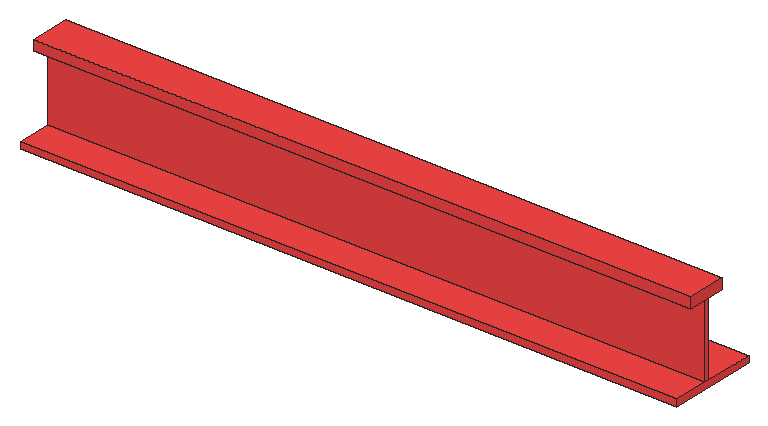
Revit family "GSY-E32", category Structural Framing, Revit 2018
Family settings
  Section Shape = Not Defined
  Material for Model Behavior = Other
  Always export as geometry = No
  OmniClass Number = 23.25.30.11.14.14
  OmniClass Title = Beams
  Always vertical = Yes
  Cut with Voids When Loaded = No
  Symbolic Representation = From Family
  Shared = No
  Show family pre-cut in plan views = Yes
Parameters (values of type "GSY-E32/15-34")
  t2 = 25 mm
  t1 = 40 mm
  hw = 280 mm
  d = 15 mm
  b2 = 340 mm
  b1 = 150 mm
  Structural Material [instance] = bips-Steel
  Manufacturer = "Give Steel A/S"
  Length [instance] = 3000 mm
Types (6, lengths in mm): name | b2 | b1 | Length
  (no name) | 340 | 150 | 3000
  GSY-E32/15-34 | 340 | 150 | 3000
  GSY-E32/18-37 | 370 | 180 | 3000
  GSY-E32/22-41 | 410 | 220 | 3000
  GSY-E32/27-46 | 460 | 270 | 3000
  GSY-E32/30-49 | 490 | 300 | 4000
Reference planes
  plane 1 "Center (Front/Back)": y = 0
  plane 2 "Center Elevation": z = 0
  plane 3 "Center (Left/Right)": x = 0
  plane 4 "Left": x = -1500
  plane 5 "Member Left": x = -1250
  plane 6 "Stick Symbol Left": x = -1000
  plane 7 "Right": x = 1500
  plane 8 "Member Right": x = 1250
  plane 9 "Stick Symbol Right": x = 1000
  plane 10: y = 75
  plane 11: y = -75
  plane 12: y = 200
  plane 13: y = -140
  plane 14: z = 192.5
  plane 15: z = 152.5
  plane 16: z = -152.5
  plane 17: z = -127.5
  plane 18: y = -7.5
  plane 19: y = 7.5
Forms (mm)
  Extrusion 1, solid, material "bips-Steel" <- "Structural Material"
    sketch origin (0, 0, 0) x (0, 1, 0) y (0, 0, 1)
      loop
        line (75, 192.5) -> (-75, 192.5) -> (-75, 152.5) -> (75, 152.5) -> (75, 192.5)
    from -1250 to 1250
  Extrusion 2, solid, material "bips-Steel" <- "Structural Material"
    sketch origin (0, 0, -90) x (0, 1, 0) y (0, 0, 1)
      loop
        line (7.5, 242.5) -> (-7.5, 242.5) -> (-7.5, -37.5) -> (7.5, -37.5) -> (7.5, 242.5)
    from -1250 to 1250
  Extrusion 3, solid, material "bips-Steel" <- "Structural Material"
    sketch origin (0, 0, -345) x (0, 1, 0) y (0, 0, 1)
      loop
        line (200, 217.5) -> (-140, 217.5) -> (-140, 192.5) -> (200, 192.5) -> (200, 217.5)
    from -1250 to 1250
Lines and regions (mm)
  model lines, style "Stick Symbols", detail levels coarse
    curve 1: line (-1000, 0, 0) -> (1000, 0, 0)
Dimensions and locks
  equal spacing: plane 4 "Left", plane 3 "Center (Left/Right)", plane 7 "Right"
  "Length": plane 4 "Left" to plane 7 "Right"
  equal spacing: plane 10, plane 1 "Center (Front/Back)", plane 11
  "b1": plane 10 to plane 11
  "b2": plane 12 to plane 13
  "t1": plane 14 to plane 15
  "t2": plane 17 to plane 16
  equal spacing: plane 15, plane 2 "Center Elevation", plane 16
  equal spacing: plane 19, plane 1 "Center (Front/Back)", plane 18
  "d": plane 19 to plane 18
  "hw": plane 15 to plane 17
  locked: plane 13 to plane 11 at 65
  equal spacing: plane 11, plane 1 "Center (Front/Back)", plane 10
  equal spacing: plane 18, plane 1 "Center (Front/Back)", plane 19
  aligned and locked: plane 5 "Member Left" to Extrusion 1
  aligned and locked: Extrusion 1 to plane 8 "Member Right"
  aligned and locked: plane 1 "Center (Front/Back)" to curve 1
  aligned and locked: plane 6 "Stick Symbol Left" to curve 1
  aligned and locked: plane 9 "Stick Symbol Right" to curve 1
  aligned and locked: level to plane 2 "Center Elevation"
  aligned and locked: Extrusion 1 sketch curve to plane 14
  aligned and locked: plane 10 to Extrusion 1 sketch curve
  aligned and locked: Extrusion 1 sketch curve to plane 11
  aligned and locked: Extrusion 2 sketch curve to plane 18
  aligned and locked: Extrusion 2 sketch curve to plane 19
  aligned and locked: Extrusion 2 sketch curve to plane 17
  aligned and locked: Extrusion 3 sketch curve to plane 16
  aligned and locked: Extrusion 3 sketch curve to plane 17
  aligned and locked: Extrusion 3 sketch curve to plane 13
  aligned and locked: plane 12 to Extrusion 3 sketch curve
  aligned and locked: Extrusion 2 sketch curve to plane 15
  aligned and locked: plane 5 "Member Left" to Extrusion 3
  aligned and locked: Extrusion 3 to plane 8 "Member Right"
  aligned and locked: Extrusion 2 to plane 8 "Member Right"
  aligned and locked: plane 5 "Member Left" to Extrusion 2
Automatic sketch dimensions
  Extrusion 1 sketch curve to plane 15 = 0 mm
